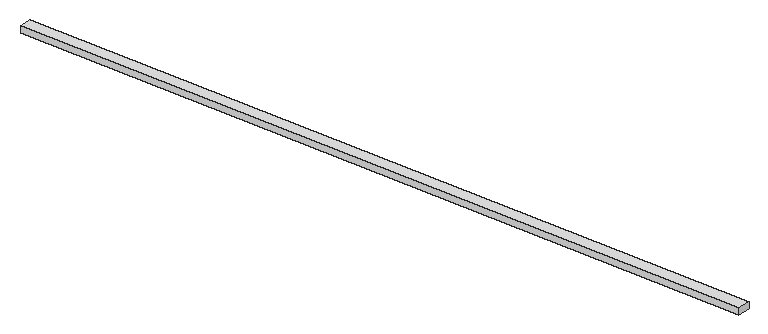
Revit family "MarshallTufflex_ElectricalFittings_TrunkingDado_Mini_MMT5a", category Generic Models, host Face, Revit 2016 (continued)
Definition of nested family "MarshallTufflex_ElectricalFittings_TrunkingDado_SquareAngle"
  Parameters (values of type "MarshallTufflex_ElectricalFittings_TrunkingDado_Mini_SquareAngle_TFB1")
    Grade = "n/a"
    Fittings = "www.marshall-tufflex.com"
    Finish = "Matt"
    Features = "Variety of sizes, self-fixing and punched options"
    ExpectedLife = 0
    ErPEnergyLabel = "n/a"
    EnvironmentalProductDeclaration = "n/a"
    EnergyTechnologyList = "n/a"
    EnclosureRating = "IP4X"
    EmbodiedCarbon = 0
    DurationUnit = "Years"
    DocumentationTechnical = "www.marshall-tufflex.com"
    DocumentationMaintenance = "www.marshall-tufflex.com"
    DocumentationLiterature = "www.marshall-tufflex.com"
    DocumentationInstallationGuide = "www.marshall-tufflex.com"
    DocumentationCertificates = "www.marshall-tufflex.com"
    Description = "Trunking Dado MT Mini Square Angle TFB1"
    Default Elevation = 1200.000 mm
    Daily [instance] = "Please Record On Commisioning"
    CreatedOn = "2018-11-16T09:00:00"
    CreatedBy = "Sales@marshall-tufflex.com"
    Cost = 0
    Constituents = "Mini Trunking"
    Compartments = "No"
    Colour = "White (RAL9003)"
    Color = "White (RAL9003)"
    CodePerformance = "n/a"
    ClassificationValue = "Pr_65_70_11_61"
    ClassificationName = "Uniclass2015"
    CEApproval = "Yes"
    BespokeTimeframe [instance] = "Please Record On Commisioning"
    BarCode [instance] = "Please Record On Commisioning"
    BIMObjectName = "MarshallTufflex_ElectricalFittings_TrunkingDado_Mini_SquareAngle_TFB1"
    AssetType = "Fixed"
    AssetIdentifier [instance] = "Please Record On Commisioning"
    Assembly Code = "D5010"
    Annually [instance] = "Please Record On Commisioning"
    AccessoryBoxDepth = "n/a"
    Accessories = "www.marshall-tufflex.com"
    AccessibilityPerformance = "n/a"
    AccessClearanceTop = 0.000 mm
    AccessClearanceRight = 0.000 mm
    AccessClearanceRear = 0.000 mm
    AccessClearanceLeft = 0.000 mm
    AccessClearanceFront = 0.000 mm
    AccessClearanceBottom = 0.000 mm
    6Monthly [instance] = "Please Record On Commisioning"
  Types (6, lengths in mm): name | Type Comments | Shape | ProductModelNumber | OverallWidth | OverallLength | OverallHeight | NBSObjectName | ModelNumber | Description | CreatedOn | BIMObjectName
    MarshallTufflex_ElectricalFittings_TrunkingDado_Mini_SquareAngle_TFB1 | "Dado Trunking MMT1 Square Angle" | "16x16mm" | "TFB1" | 19.000 | 35.000 | 18.000 | "MT MiniSquareAngleTFB1" | "TFB1" | "Trunking Dado MT Mini Square Angle TFB1" | "2018-11-16T09:00:00" | "MarshallTufflex_ElectricalFittings_TrunkingDado_Mini_SquareAngle_TFB1"
    MarshallTufflex_ElectricalFittings_TrunkingDado_Mini_SquareAngle_TFB2 | "Dado Trunking MMT2 Square Angle" | "25x16mm" | "TFB2" | 28.000 | 44.000 | 18.000 | "MT MiniSquareAngleTFB2" | "TFB2" | "Trunking Dado MT Mini Square Angle TFB2" | "2018-11-16T09:00:00" | "MarshallTufflex_ElectricalFittings_TrunkingDado_Mini_SquareAngleTFB2"
    MarshallTufflex_ElectricalFittings_TrunkingDado_Mini_SquareAngle_TFB3 | "Dado Trunking MMT3 Square Angle" | "38x16mm" | "TFB3" | 41.000 | 57.000 | 18.000 | "MT MiniSquareAngleTFB3" | "TFB3" | "Trunking Dado MT Mini Square Angle TFB3" | "2018-11-16T09:00:00" | "MarshallTufflex_ElectricalFittings_TrunkingDado_Mini_SquareAngle_TFB3"
    MarshallTufflex_ElectricalFittings_TrunkingDado_Mini_SquareAngle_TFB4 | "Dado Trunking MMT4 Square Angle" | "38x25mm" | "TFB4" | 41.000 | 57.000 | 27.000 | "MT MiniSquareAngleTFB4" | "TFB4" | "Trunking Dado MT Mini Square Angle TFB4" | "2018-11-16T09:00:00" | "MarshallTufflex_ElectricalFittings_TrunkingDado_Mini_SquareAngle_TFB4"
    MarshallTufflex_ElectricalFittings_TrunkingDado_Mini_SquareAngle_TFB5 | "Dado Trunking MMT5 Square Angle" | "50x25mm" | "TFB5" | 53.000 | 69.000 | 27.000 | "MT MiniSquareAngleTFB5" | "TFB5" | "Trunking Dado MT Mini Square Angle TFB5" | "2018-11-26T09:00:00" | "MarshallTufflex_ElectricalFittings_TrunkingDado_Mini_SquareAngle_TFB5"
    MarshallTufflex_ElectricalFittings_TrunkingDado_Mini_SquareAngle_TFB6 | "Dado Trunking MMT6 Square Angle" | "38x38mm" | "TFB6" | 42.000 | 58.000 | 40.000 | "MT MiniSquareAngleTFB6" | "TFB6" | "Trunking Dado MT Mini Square Angle TFB6" | "2018-11-16T09:00:00" | "MarshallTufflex_ElectricalFittings_TrunkingDado_Mini_SquareAngle_TFB6"
  Reference planes
    plane 1 "Center (Front/Back)": y = 0
    plane 2: z = 0
    plane 3 "Center (Left/Right)": x = 0
    plane 4: z = 18
    plane 5: y = 9.5
    plane 6: x = 9.5
    plane 7: y = -9.5
    plane 8: x = -9.5
    plane 9: x = -25.5
    plane 10: y = -25.5
  Forms (mm)
    Extrusion 1, solid
      sketch origin (0, 0, 0) x (1, 0, 0) y (0, 1, 0)
        loop
          line (-1219.2, 1219.2) -> (-1219.2, -1219.2) -> (1219.2, -1219.2) -> (1219.2, 1219.2) -> (-1219.2, 1219.2)
      from 0 to -304.8
    Extrusion 2, solid
      sketch origin (0, 0, 0) x (1, 0, 0) y (0, 1, 0)
        loop
          line (-25.5, -9.5) -> (-9.5, -9.5) -> (-9.5, -25.5) -> (9.5, -25.5) -> (9.5, 9.5) -> (-25.5, 9.5) -> (-25.5, -9.5)
      from 0 to 18
  Dimensions and locks
    "OverallHeight": plane 4 to Extrusion 1
    equal spacing: plane 8, plane 3 "Center (Left/Right)", plane 6
    equal spacing: plane 5, plane 1 "Center (Front/Back)", plane 7
    "OverallLength": plane 5 to plane 10
    "OverallWidth": plane 5 to plane 7
    "OverallWidth": plane 8 to plane 6
    "OverallLength": plane 9 to plane 6
    aligned and locked: plane 2 to Extrusion 1
    aligned and locked: level to Extrusion 1
    aligned and locked: plane 7 to Extrusion 2 sketch curve
    aligned and locked: plane 8 to Extrusion 2 sketch curve
    aligned and locked: plane 10 to Extrusion 2 sketch curve
    aligned and locked: Extrusion 2 sketch curve to plane 6
    aligned and locked: Extrusion 2 sketch curve to plane 5
    aligned and locked: plane 9 to Extrusion 2 sketch curve
    aligned and locked: plane 4 to Extrusion 2
  Automatic sketch dimensions
    Extrusion 1 sketch curve to Extrusion 1 sketch curve = 2438.400 mm  (x2)
